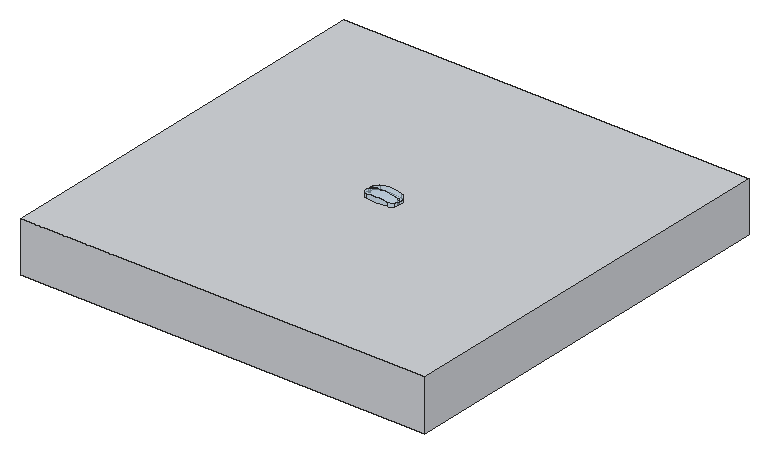
Revit family "GALAD Блистер LED", category Осветительные приборы, Revit 2018 (continued)
Types (3, lengths in mm): name | Файл фотометрической сетки | built-in parameter 1150142 | Материал рассеивателя | Материал корпуса | URL | IP | ADSK_Наименование краткое | ADSK_Наименование | ADSK_Марка | ADSK_Код изделия
    11 2.54 3.10 3.66 3.95 3.95 3.95 3.80 3.66 3.38 1.27 0.14 \r\n287.28 287.14 287.14 285.45 283.34 280.66 277.00 273.05 268.55 263.33 257.98 251.64 244.59 237.41 229.94 221.77 213.17 203.88 194.58 184.43 174.01 163.72 153.01 141.32 129.76 118.63 106.94 95.25 83.97 72.84 62.28 52.55 43.96 36.07 29.02 22.97 17.75 13.24 9.02 7.61 6.48 5.78 5.35 5.07 4.79 4.65 4.37 3.95 3.10 2.68 2.54 2.40 2.25 2.11 1.97 1.83 1.69 1.69 1.55 1.41 1.55 1.97 2.54 3.10 3.52 3.80 3.95 3.95 3.80 3.66 3.38 1.27 0.14 \r\n287.28 287.28 287.14 285.45 283.34 280.52 277.00 273.20 268.41 263.33 257.98 251.36 244.88 237.55 229.80 221.35 213.17 203.59 194.01 184.29 173.86 163.44 152.45 141.04 129.76 118.21 106.52 94.96 83.41 72.28 61.71 52.13 43.40 35.65 28.60 22.40 17.19 12.26 8.45 6.48 5.64 5.07 4.65 4.51 4.37 4.23 3.95 3.52 2.82 2.40 2.25 2.11 1.97 1.83 1.69 1.69 1.55 1.55 1.41 1.27 1.41 1.83 2.40 2.96 3.52 3.95 3.95 3.95 3.80 3.66 3.38 1.27 0.14 \r\n287.28 287.28 287.28 285.59 283.48 280.52 277.00 273.20 268.26 263.33 257.98 251.07 244.73 237.41 229.80 221.06 212.75 203.59 194.01 184.15 174.01 163.16 152.31 140.90 129.76 118.07 106.23 94.68 83.13 72.00 61.57 51.99 43.25 35.51 28.60 22.12 16.91 10.85 6.20 5.92 5.07 4.51 4.23 4.09 3.95 3.80 3.66 3.10 2.54 1.97 1.97 1.83 1.69 1.69 1.55 1.55 1.41 1.41 1.27 1.27 1.41 1.83 2.40 2.96 3.52 3.95 3.95 3.95 3.80 3.66 3.52 1.41 0.14 \r\n287.28 287.43 287.28 285.59 283.48 280.52 277.00 273.34 268.41 263.19 257.98 251.07 244.73 237.27 229.66 221.21 212.47 203.59 194.29 184.01 173.86 163.16 152.17 140.90 129.48 117.93 106.23 94.40 83.13 71.86 61.29 51.71 43.11 35.36 28.60 21.98 16.77 11.41 6.06 5.35 4.51 4.09 3.80 3.66 3.52 3.52 3.38 2.82 2.25 1.83 1.69 1.69 1.55 1.55 1.41 1.41 1.41 1.27 1.27 1.27 1.27 1.83 2.40 2.96 3.66 3.95 4.09 3.95 3.80 3.66 3.52 1.41 0.14 \r\n287.28 287.43 287.43 285.74 283.48 280.52 277.14 273.48 268.55 263.47 257.84 251.36 244.88 237.13 229.66 221.35 212.47 203.59 194.01 184.15 173.72 163.30 152.31 140.75 129.76 118.07 106.38 94.68 83.13 72.14 61.57 51.85 43.11 35.22 28.60 22.26 16.91 12.12 6.76 5.64 4.65 4.09 3.80 3.66 3.52 3.38 3.24 2.82 2.11 1.83 1.69 1.69 1.55 1.55 1.41 1.41 1.41 1.27 1.27 1.13 1.41 1.83 2.40 2.96 3.66 3.95 3.95 3.95 3.80 3.66 3.38 1.41 0.14 \r\n287.28 287.43 287.43 285.74 283.48 280.66 277.14 273.48 268.41 263.47 257.70 251.50 244.88 237.27 229.94 221.77 212.89 204.02 194.29 184.57 174.01 163.58 152.73 141.32 130.05 118.49 106.52 95.10 83.55 72.28 61.85 52.13 43.25 35.51 28.74 22.40 17.19 12.40 7.47 6.06 5.35 4.79 4.37 4.09 3.95 3.80 3.52 3.10 2.40 1.97 1.83 1.69 1.69 1.55 1.55 1.41 1.41 1.27 1.27 1.27 1.41 1.83 2.40 3.10 3.66 3.95 3.95 3.95 3.80 3.66 3.38 1.41 0.14 \r\n287.28 287.57 287.43 285.88 283.48 280.80 277.14 273.34 268.41 263.61 257.84 251.50 245.16 237.55 230.08 222.05 213.32 204.16 194.44 184.43 174.43 163.86 153.15 141.74 130.19 118.77 107.36 95.39 84.11 72.84 62.28 52.69 43.82 36.07 29.02 22.82 17.75 12.40 8.59 7.47 6.20 5.35 4.93 4.65 4.37 4.23 3.95 3.52 2.82 2.25 2.11 1.97 1.83 1.69 1.69 1.55 1.41 1.41 1.27 1.27 1.41 1.83 2.40 3.10 3.66 3.95 3.95 3.95 3.80 3.66 3.38 1.41 0.14 \r\n287.28 287.57 287.43 285.88 283.62 280.80 277.14 273.05 268.69 263.76 257.98 251.64 245.58 237.83 230.22 222.19 213.60 204.16 194.86 185.00 174.85 164.42 153.15 142.30 130.75 119.20 107.64 95.95 84.54 73.41 62.84 53.12 44.24 36.49 29.59 23.39 18.18 13.39 9.86 7.61 6.76 6.06 5.64 5.21 5.07 4.79 4.51 3.80 3.10 2.68 2.54 2.40 2.11 1.97 1.83 1.69 1.69 1.55 1.41 1.41 1.55 1.97 2.54 3.10 3.66 3.95 3.95 3.95 3.80 3.66 3.38 1.41 0.14 \r\n287.28 287.71 287.43 286.02 283.62 280.80 277.14 273.20 268.97 263.90 258.26 252.06 245.58 237.97 230.65 222.61 214.02 204.72 195.28 185.70 175.27 164.71 153.72 142.73 131.60 119.90 108.21 96.65 85.38 74.25 63.68 53.96 45.09 37.20 30.29 24.09 19.02 14.51 10.43 8.59 7.47 6.76 6.34 5.92 5.64 5.35 4.93 4.37 3.52 3.10 2.82 2.68 2.40 2.25 2.11 1.97 1.83 1.69 1.55 1.55 1.69 1.97 2.54 3.10 3.66 3.95 3.95 3.95 3.80 3.66 3.38 1.41 0.14 \r\n287.28 287.71 287.43 286.02 283.48 280.94 277.42 273.48 269.25 264.18 258.40 252.48 245.72 238.25 230.93 222.76 214.30 205.28 195.84 186.26 175.84 165.13 154.42 143.29 131.88 120.61 109.05 97.50 86.09 75.10 64.39 54.81 45.79 37.90 31.00 24.94 19.58 15.36 11.69 9.02 7.89 7.47 7.04 6.62 6.34 5.92 5.49 4.79 3.95 3.66 3.38 3.10 2.82 2.54 2.40 2.11 1.97 1.83 1.69 1.69 1.69 2.11 2.68 3.24 3.66 3.95 3.95 3.95 3.80 3.66 3.38 1.41 0.14 \r\n287.28 287.71 287.43 285.88 283.62 281.09 277.70 273.62 269.39 264.32 258.68 252.62 246.14 238.82 231.49 222.90 214.72 205.71 196.13 186.55 176.40 165.83 155.13 144.14 132.72 121.17 109.76 98.20 86.93 76.08 65.52 55.79 46.92 38.89 31.84 25.78 20.57 16.20 12.54 9.86 8.59 8.17 7.61 7.33 7.04 6.62 6.06 5.35 4.51 4.23 3.80 3.52 3.24 2.96 2.68 2.40 2.11 1.97 1.83 1.69 1.83 2.25 2.68 3.24 3.66 3.95 3.95 3.95 3.80 3.66 3.38 1.41 0.14 \r\n287.28 287.85 287.43 285.88 283.76 281.09 277.85 273.76 269.39 264.46 259.11 252.62 246.43 239.24 231.91 223.46 215.29 206.41 196.83 187.11 176.96 166.54 155.69 144.84 133.57 122.16 110.60 99.19 87.92 76.65 66.36 56.64 47.76 39.73 32.69 26.63 21.28 17.05 13.53 10.71 9.16 8.74 8.45 8.03 7.61 7.19 6.62 5.78 5.07 4.79 4.37 4.09 3.66 3.38 2.96 2.68 2.40 2.11 1.97 1.83 1.97 2.40 2.82 3.38 3.80 3.95 3.95 3.95 3.80 3.52 3.38 1.41 0.14 \r\n287.28 287.85 287.43 285.88 283.90 280.94 277.85 273.90 269.67 264.88 258.97 253.05 246.85 239.38 232.20 224.16 215.43 206.97 197.39 187.95 177.53 167.10 156.39 145.54 134.27 123.00 111.31 99.89 88.48 77.49 67.21 57.63 48.75 40.72 33.67 27.47 22.40 18.03 14.51 11.69 9.86 9.44 9.16 8.88 8.31 7.89 7.33 6.34 5.78 5.35 4.93 4.51 4.09 3.66 3.38 2.96 2.68 2.40 2.11 1.97 2.25 2.54 2.96 3.38 3.80 3.95 3.95 3.95 3.80 3.52 3.38 1.41 0.14 \r\n287.28 287.99 287.43 285.88 283.90 280.94 277.85 273.90 270.10 265.02 259.25 253.47 247.27 239.94 232.62 224.59 216.13 207.26 197.96 188.38 178.23 167.52 157.10 145.97 134.84 123.56 112.15 100.74 89.47 78.48 68.19 58.61 49.74 41.70 34.66 28.46 23.25 18.88 15.36 12.54 10.57 10.00 9.86 9.58 9.16 8.45 7.75 6.90 6.34 5.78 5.35 4.93 4.65 4.23 3.80 3.38 2.96 2.68 2.25 2.25 2.40 2.68 3.10 3.52 3.80 3.95 3.95 3.95 3.80 3.52 3.38 1.41 0.14 \r\n287.28 287.99 287.43 285.88 283.90 281.23 277.99 274.18 270.24 265.16 259.81 253.75 247.55 240.37 232.76 225.01 216.70 207.82 198.66 188.94 178.65 168.37 158.08 146.95 135.54 124.41 112.86 101.59 90.60 79.75 69.32 59.60 50.72 42.83 35.65 29.45 24.23 19.87 16.34 13.53 11.41 10.71 10.43 10.29 9.86 9.16 8.31 7.33 6.76 6.34 5.92 5.49 4.93 4.51 4.09 3.66 3.38 2.96 2.54 2.40 2.54 2.82 3.24 3.66 3.95 3.95 3.95 3.95 3.80 3.52 3.38 1.55 0.14 \r\n287.28 288.13 287.57 285.88 284.04 281.37 278.27 274.46 270.38 265.45 260.09 254.17 247.83 240.65 233.32 225.57 217.12 208.38 199.08 189.22 179.50 169.21 158.37 147.38 136.53 125.11 113.84 102.43 91.30 80.73 70.31 60.58 51.85 43.82 36.63 30.43 25.08 20.71 17.19 14.37 12.26 11.13 10.99 10.99 10.71 10.00 8.88 7.89 7.33 6.90 6.34 5.92 5.35 4.93 4.51 4.09 3.66 3.24 2.82 2.68 2.82 3.10 3.38 3.66 3.95 3.95 3.95 3.95 3.80 3.52 3.38 1.55 0.14 \r\n287.28 288.13 287.57 286.02 284.04 281.65 278.55 274.75 270.38 265.59 260.23 254.32 248.12 241.21 233.60 226.14 217.68 208.81 199.65 190.07 180.06 169.78 159.07 148.36 137.23 126.10 114.55 103.28 92.29 81.44 71.15 61.57 52.84 44.80 37.62 31.42 26.07 21.70 18.18 15.36 13.24 11.69 11.55 11.55 11.41 10.85 9.72 8.59 7.89 7.33 6.76 6.20 5.78 5.21 4.79 4.37 3.95 3.52 3.24 3.10 3.10 3.24 3.52 3.80 3.95 3.95 3.95 3.80 3.66 3.52 3.38 1.55 0.14 \r\n287.28 288.27 287.71 286.16 284.33 281.79 278.69 274.89 270.66 266.01 260.66 254.60 248.68 241.63 234.17 226.42 217.96 209.51 200.21 190.91 180.77 170.48 159.77 148.93 137.80 126.66 115.39 104.12 93.13 82.56 72.28 62.70 53.96 45.79 38.61 32.41 27.05 22.68 19.16 16.20 13.95 12.26 11.69 11.98 11.98 11.41 10.57 9.44 8.45 7.89 7.19 6.62 6.06 5.64 5.07 4.65 4.23 3.80 3.52 3.52 3.52 3.52 3.66 3.80 3.95 4.09 3.95 3.80 3.66 3.52 3.38 1.55 0.14 \r\n287.28 288.27 287.71 286.30 284.47 281.79 278.69 275.03 270.94 266.29 260.94 255.16 248.96 242.06 234.73 226.84 218.67 209.93 200.78 191.34 181.33 171.33 160.62 149.91 138.64 127.51 116.38 105.11 94.12 83.41 73.27 63.68 54.95 46.78 39.73 33.39 28.04 23.67 20.01 17.05 14.79 13.10 12.26 12.40 12.54 11.98 11.27 10.14 9.16 8.17 7.47 6.90 6.48 5.92 5.35 4.93 4.51 4.09 3.95 3.80 3.80 3.80 3.80 3.95 4.09 4.09 3.95 3.80 3.66 3.52 3.38 1.55 0.14 \r\n287.28 288.41 287.71 286.30 284.47 281.93 278.83 275.31 271.22 266.43 261.36 255.72 249.24 242.48 235.15 227.40 219.09 210.36 201.20 191.76 182.04 171.89 161.18 150.48 139.63 128.36 117.22 106.09 95.10 84.40 74.25 64.81 55.94 47.90 40.72 34.38 29.02 24.52 20.85 17.89 15.64 13.81 12.68 12.68 12.82 12.54 11.98 11.13 9.86 8.88 8.03 7.33 6.76 6.20 5.64 5.21 4.65 4.37 4.23 4.23 4.23 4.09 4.09 4.09 4.09 4.09 3.95 3.80 3.66 3.52 3.24 1.55 0.14 \r\n287.28 288.41 287.85 286.44 284.47 281.93 278.97 275.59 271.36 266.71 261.64 255.87 249.67 242.76 235.44 227.97 219.66 211.06 201.90 192.46 182.60 172.46 161.89 151.04 140.33 129.20 117.79 106.66 95.81 85.10 75.10 65.66 56.78 48.89 41.70 35.36 30.01 25.50 21.70 18.74 16.34 14.65 13.39 12.96 13.39 13.24 12.68 11.84 10.57 9.30 8.31 7.61 7.04 6.48 5.92 5.35 4.93 4.65 4.65 4.65 4.65 4.51 4.37 4.23 4.09 4.09 3.95 3.80 3.66 3.52 3.24 1.41 0.14 \r\n287.28 288.55 287.99 286.44 284.61 282.07 279.39 275.87 271.79 267.14 261.78 256.01 249.81 243.33 236.00 228.39 220.22 211.62 202.61 193.31 183.30 172.88 162.45 151.74 141.04 129.76 118.49 107.64 96.94 86.37 76.08 66.64 58.05 50.02 42.83 36.49 31.00 26.49 22.68 19.58 17.19 15.36 13.95 13.24 13.67 13.81 13.24 12.26 11.13 10.00 8.88 8.03 7.33 6.76 6.20 5.64 5.21 5.07 4.93 4.93 4.93 4.79 4.51 4.37 4.23 4.09 3.95 3.80 3.66 3.52 3.24 1.41 0.14 \r\n287.28 288.55 287.99 286.44 284.61 282.21 279.68 276.15 272.07 267.56 262.35 256.85 250.37 244.03 236.70 228.95 220.78 212.47 203.17 193.73 184.01 173.86 163.58 152.73 141.88 130.75 119.62 108.63 97.64 87.21 77.21 67.77 59.04 51.00 43.82 37.48 31.98 27.33 23.39 20.29 17.89 16.06 14.65 13.81 14.09 14.23 13.53 12.68 11.55 10.43 9.16 8.31 7.61 7.04 6.48 5.92 5.64 5.35 5.35 5.35 5.21 5.07 4.79 4.51 4.23 4.09 3.95 3.80 3.66 3.52 3.24 1.41 0.14 \r\n287.28 288.69 288.13 286.58 284.75 282.35 279.82 276.30 272.07 267.84 262.77 257.42 251.07 244.45 237.13 229.38 221.49 213.17 204.02 194.29 184.71 174.57 164.14 153.43 142.59 131.60 120.47 109.48 98.63 88.34 78.34 68.76 60.02 52.13 44.95 38.46 32.97 28.18 24.23 21.13 18.60 16.63 15.22 14.23 13.95 14.23 13.95 13.10 12.12 10.99 9.72 8.59 7.89 7.19 6.62 6.20 5.92 5.78 5.78 5.64 5.49 5.35 5.07 4.65 4.23 4.09 3.95 3.80 3.52 3.38 3.24 1.41 0.14 \r\n287.28 288.69 288.13 286.72 284.89 282.49 279.68 276.44 272.35 267.98 262.91 257.56 251.36 244.73 237.55 230.08 221.77 213.17 204.30 195.00 185.14 175.27 164.99 154.14 143.01 132.16 121.03 109.90 99.05 88.76 78.90 69.46 60.87 52.84 45.65 39.17 33.67 29.02 25.08 21.84 19.30 17.19 15.78 14.65 14.23 14.37 14.09 13.39 12.40 11.27 10.14 8.88 8.03 7.33 6.76 6.48 6.20 6.20 6.06 5.92 5.78 5.64 5.21 4.79 4.37 4.09 3.95 3.66 3.52 3.38 3.10 1.41 0.14 \r\n287.28 288.83 288.27 286.72 285.03 282.64 279.82 276.58 272.77 268.41 263.05 257.56 251.50 245.02 237.83 230.36 222.33 213.88 204.72 195.28 185.70 175.70 165.13 154.56 143.71 132.44 121.45 110.74 100.04 89.61 79.75 70.45 61.85 53.96 46.78 40.30 34.66 30.01 25.92 22.54 20.01 17.89 16.20 15.08 14.37 14.51 14.37 13.53 12.54 11.55 10.29 9.16 8.17 7.61 7.19 6.90 6.62 6.48 6.34 6.20 6.06 5.78 5.35 4.93 4.51 4.09 3.95 3.66 3.52 3.38 3.10 1.41 0.14 \r\n287.28 288.83 288.41 286.86 285.03 282.78 280.10 276.86 273.05 268.55 263.33 257.84 251.78 245.16 238.11 230.65 222.61 214.30 205.28 195.99 186.55 176.26 165.69 155.13 144.42 133.43 122.44 111.73 100.88 90.45 80.59 71.29 62.56 54.53 47.48 41.14 35.51 30.57 26.49 23.11 20.43 18.32 16.77 15.50 14.51 14.37 14.23 13.53 12.54 11.55 10.57 9.44 8.45 7.89 7.47 7.33 7.04 6.90 6.76 6.62 6.34 5.92 5.49 5.07 4.51 4.09 3.95 3.66 3.52 3.38 3.10 1.41 0.14 \r\n287.28 288.83 288.55 286.86 285.17 282.92 280.38 277.00 273.20 268.55 263.61 258.12 252.06 245.72 238.54 230.93 223.32 214.58 205.71 196.41 186.69 176.68 166.40 155.83 144.98 134.27 123.14 112.01 101.44 91.16 81.30 72.14 63.54 55.65 48.47 42.13 36.49 31.56 27.33 23.95 21.13 18.88 17.19 15.78 14.65 14.23 13.95 13.39 12.54 11.69 10.71 9.72 8.74 8.17 7.89 7.61 7.33 7.19 7.04 6.76 6.48 6.06 5.64 5.07 4.51 4.09 3.80 3.66 3.52 3.38 3.10 1.41 0.14 \r\n287.28 288.83 288.69 287.14 285.17 282.92 280.38 277.14 273.20 268.69 263.76 258.26 252.20 246.14 239.24 231.35 223.46 215.15 206.13 196.83 187.25 177.25 167.10 156.68 145.69 134.70 123.71 112.86 102.15 91.86 82.14 72.98 64.39 56.36 49.17 42.69 37.06 32.12 28.04 24.52 21.70 19.44 17.61 15.92 14.51 13.95 13.81 13.39 12.54 11.69 10.85 10.00 9.16 8.59 8.31 8.03 7.75 7.47 7.19 7.04 6.62 6.20 5.78 5.21 4.65 4.09 3.80 3.66 3.52 3.38 2.96 1.27 0.14 \r\n287.28 288.83 288.83 287.28 285.17 282.92 280.38 277.14 273.34 268.97 264.32 258.68 252.62 246.28 239.24 231.77 223.60 215.43 206.69 197.53 187.81 177.81 167.38 156.82 145.97 135.26 124.41 113.56 103.14 92.85 82.99 73.83 65.23 57.34 50.16 43.68 37.90 32.97 28.74 25.08 22.26 19.87 17.89 16.06 14.51 13.53 13.24 12.96 12.40 11.69 10.99 10.29 9.58 9.02 8.59 8.31 8.03 7.75 7.47 7.19 6.76 6.34 5.92 5.21 4.65 4.09 3.80 3.52 3.52 3.38 2.96 1.27 0.14 \r\n287.28 288.83 288.98 287.43 285.45 283.06 280.38 277.14 273.48 269.25 264.60 259.25 253.33 246.85 239.66 232.20 224.16 215.99 207.26 197.96 188.24 178.23 168.09 157.52 146.81 135.96 124.97 114.12 103.42 93.27 83.69 74.39 65.80 57.91 50.72 44.24 38.46 33.53 29.31 25.64 22.68 20.29 18.03 15.92 14.23 13.24 13.24 12.96 12.40 11.69 11.13 10.57 10.00 9.30 8.88 8.59 8.17 7.89 7.47 7.19 6.90 6.48 5.92 5.35 4.65 4.09 3.80 3.52 3.38 3.38 2.96 1.27 0.14 \r\n287.28 288.83 289.12 287.71 285.59 283.20 280.52 277.42 273.62 269.53 264.74 259.11 253.47 246.99 239.94 232.62 224.73 216.41 207.54 198.52 188.80 178.65 168.65 158.08 147.24 136.39 125.68 114.83 104.40 94.26 84.40 75.24 66.64 58.75 51.57 45.09 39.31 34.24 29.87 26.21 23.25 20.71 18.60 16.20 13.95 12.54 12.26 12.40 12.26 11.84 11.41 10.85 10.29 9.58 9.16 8.74 8.45 8.03 7.61 7.33 6.90 6.48 5.92 5.35 4.79 4.23 3.80 3.52 3.38 3.38 2.82 1.27 0.14 \r\n287.28 288.83 289.12 287.85 286.02 283.62 280.80 277.56 273.90 269.67 265.02 259.53 253.47 247.13 240.23 232.76 225.15 216.98 208.10 198.80 189.22 179.50 169.07 158.65 147.94 137.09 126.10 115.39 104.69 94.54 84.82 75.66 67.21 59.32 52.13 45.65 39.87 34.80 30.29 26.63 23.53 20.99 18.88 16.48 13.95 12.26 11.84 12.26 12.40 11.98 11.55 11.13 10.43 9.86 9.30 8.88 8.45 8.03 7.61 7.33 6.90 6.48 6.06 5.49 4.79 4.23 3.66 3.52 3.38 3.38 2.82 1.27 0.14 \r\n287.28 288.83 289.12 287.99 286.16 284.04 280.94 277.70 274.04 269.67 265.02 259.81 254.03 247.69 240.79 233.18 225.43 216.98 208.38 199.23 189.64 179.78 169.78 158.93 148.08 137.51 126.66 115.96 105.39 95.25 85.52 76.37 67.77 60.02 52.69 46.21 40.58 35.36 30.86 27.05 23.95 21.42 19.16 16.63 13.95 12.26 11.41 11.84 12.26 11.98 11.55 11.13 10.71 10.00 9.44 9.02 8.59 8.17 7.75 7.33 6.90 6.62 6.06 5.49 4.79 4.23 3.66 3.52 3.38 3.38 2.68 1.13 0.14 \r\n287.28 288.83 289.12 287.99 286.44 284.33 281.37 277.99 274.32 269.81 264.88 259.81 254.32 247.69 240.79 233.46 225.57 217.26 208.67 199.51 189.93 180.06 170.06 159.49 148.79 137.94 127.09 116.38 105.95 95.67 85.95 76.79 68.47 60.58 53.26 46.78 40.86 35.79 31.28 27.47 24.37 21.84 19.58 17.19 14.23 11.98 10.99 11.41 11.98 11.69 11.13 10.99 10.57 10.00 9.44 9.02 8.59 8.17 7.75 7.33 6.90 6.48 6.06 5.49 4.79 4.23 3.66 3.52 3.38 3.38 2.68 1.13 0.14 \r\n287.28 288.69 289.12 287.99 286.44 284.61 281.65 278.41 274.75 270.24 265.45 260.23 254.32 247.83 241.21 233.89 226.00 217.82 209.09 199.93 190.49 180.63 170.48 160.06 149.21 138.50 127.79 116.94 106.38 96.09 86.51 77.49 68.90 61.01 53.68 47.20 41.56 36.35 31.70 27.76 24.66 21.98 19.44 16.63 13.81 11.55 10.43 10.99 11.69 11.55 11.27 10.99 10.71 10.14 9.44 9.02 8.74 8.17 7.75 7.33 6.90 6.62 6.06 5.49 4.79 4.23 3.66 3.52 3.38 3.38 2.68 1.13 0.14 \r\n287.28 288.69 289.12 287.99 286.44 284.47 281.79 278.83 275.45 271.22 26
    6.29 260.94 254.88 248.12 241.35 234.17 226.28 218.11 209.65 200.35 190.63 180.91 170.76 160.34 149.77 139.06 128.07 117.37 106.80 96.65 86.93 77.63 69.18 61.29 54.24 47.62 41.85 36.63 31.98 28.04 24.80 22.12 19.58 16.77 13.53 11.13 9.44 10.00 11.13 11.27 11.13 10.99 10.71 10.14 9.58 9.02 8.59 8.17 7.75 7.33 6.90 6.62 6.20 5.64 4.93 4.23 3.66 3.38 3.38 3.38 2.54 0.99 0.14 \r\n287.28 288.69 289.12 287.99 286.58 284.47 281.93 279.11 275.73 271.50 266.29 261.08 255.30 249.10 242.20 234.59 226.70 218.53 209.93 200.49 191.19 181.33 170.91 160.34 149.77 139.20 128.36 117.51 107.08 96.94 87.21 78.06 69.60 61.71 54.53 48.05 42.13 36.91 32.26 28.32 24.94 22.40 20.01 16.91 13.10 10.85 9.30 9.86 11.13 11.27 10.99 10.99 10.85 10.14 9.58 9.02 8.74 8.17 7.75 7.33 6.90 6.62 6.20 5.64 4.93 4.23 3.66 3.38 3.38 3.24 2.54 0.99 0.14 \r\n287.28 288.69 289.12 288.13 286.58 284.47 281.93 279.11 275.31 271.08 266.29 261.22 255.30 249.10 242.34 235.01 227.12 218.81 210.07 200.92 191.19 181.33 171.33 160.90 149.91 139.06 128.36 117.51 107.08 96.79 87.07 78.06 69.60 61.71 54.53 47.90 42.13 36.77 32.12 28.32 24.94 22.26 19.87 16.91 13.24 10.71 9.44 9.72 10.71 11.13 10.85 10.85 10.71 10.14 9.58 9.16 8.74 8.31 7.89 7.47 7.04 6.62 6.20 5.64 4.93 4.23 3.66 3.38 3.38 3.24 2.40 0.99 0.14 \r\n287.28 288.69 289.12 288.27 286.72 284.61 282.07 279.11 275.59 271.36 266.57 261.50 255.87 249.38 242.62 235.29 227.55 219.23 210.07 200.92 191.62 182.18 171.89 161.18 150.62 140.05 129.34 118.49 108.07 97.92 88.06 78.90 70.31 62.56 55.23 48.61 42.83 37.48 32.69 28.74 25.36 22.68 20.29 17.19 13.53 10.85 9.72 9.16 10.00 10.85 10.85 10.71 10.71 10.29 9.72 9.16 8.74 8.31 7.89 7.33 7.04 6.62 6.20 5.64 4.93 4.23 3.66 3.38 3.38 3.24 2.40 0.85 0.14 \r\n" | ПММА | ПММА | "https://galad.ru/catalog/indoor/zhkh/blister/galad-blister-led-9-eco-ip30/" | "30" | "GALAD Блистер LED-9 ECO IP30" | "GALAD Блистер LED-9 ECO IP30" | "GALAD Блистер LED-9 ECO IP30" | "16443"
